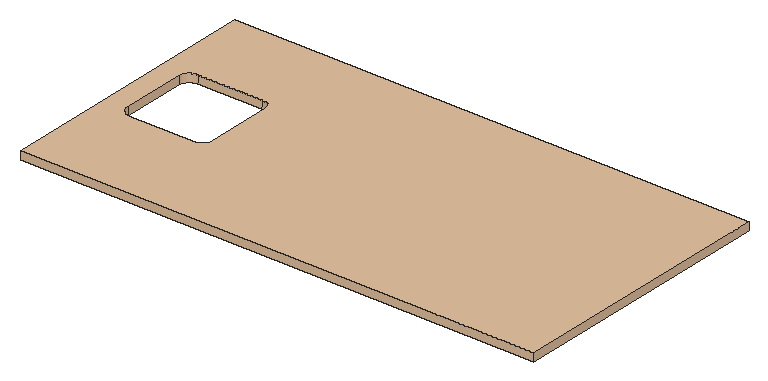
Revit family "cde18013b7b946b99299b37303bc6109", category Casework, Revit 2021
Family settings
  OmniClass Number = 23.40.35.17.47.11
  OmniClass Title = Kitchen Casework
  Seek Item ID = Counter Top-Island w Sink Hole-0000-USA-ENU
  Work Plane-Based = No
  Always vertical = Yes
  Cut with Voids When Loaded = No
  Shared = Yes
  Room Calculation Point = No
Parameters (values of type "48" Depth")
  Default Elevation = 0' - 0"
  Assembly Code = "C1030400"
  Counter Thickness = 0' - 1 1/2"
  Counter Top Material = none
  Depth [instance] = 4' - 2"
  Height = 3' - 0"
  Length [instance] = 8' - 0"
  Sink Location [instance] = 1' - 0"
  Sink Location To Edge = 2' - 0"
  Sink Opening Depth [instance] = 1' - 4"
  Sink Opening Width [instance] = 1' - 4"
Reference planes (in)
  plane 1 "Back": y = 0
  plane 2: z = 0
  plane 3 "Left": x = -47.2623
  plane 4 "Right": x = 48.7377
  plane 5 "Front": y = -49
  plane 6 "Top": z = 36
  plane 7 "Top Of Cabinet": z = 34.5
  plane 8: z = 40
  plane 9: x = -35.2623
  plane 10: y = -15
  plane 11: x = -27.2623
  plane 12: y = -31
  plane 13: x = -43.2623
  plane 14: y = 1
  plane 15: y = -48
  plane 16: y = -23
Forms (in)
  Extrusion 1, solid, material <- "Counter Top Material"
    sketch origin (0, 0, 0) x (1, 0, 0) y (0, 1, 0)
      loop
        line (-47.2623, 1) -> (-47.2623, -49) -> (48.7377, -49) -> (48.7377, 1) -> (-47.2623, 1)
    from 34.5 to 36
  Extrusion 2, void
    sketch origin (0, 0, 0) x (1, 0, 0) y (0, 1, 0)
      loop
        arc (-41.2623, -15) -> (-42.67651, -15.58579) -> (-43.2623, -17) r 2
        line (-43.2623, -17) -> (-43.2623, -29)
        arc (-43.2623, -29) -> (-42.67651, -30.41421) -> (-41.2623, -31) r 2
        line (-41.2623, -31) -> (-29.2623, -31)
        arc (-29.2623, -31) -> (-27.84808, -30.41421) -> (-27.2623, -29) r 2
        line (-27.2623, -29) -> (-27.2623, -17)
        arc (-27.2623, -17) -> (-27.84808, -15.58579) -> (-29.2623, -15) r 2
        line (-29.2623, -15) -> (-41.2623, -15)
    from 34.5 to 36
Cuts and joins
  Extrusion 2 cuts Extrusion 1
Lines and regions (in)
  Masking region 1
    outline origin (0, 0, 34.5) x (0, -1, 0) y (1, 0, 0)
      loop
        line (-1, -47.2623) -> (49, -47.2623) -> (49, 48.7377) -> (-1, 48.7377) -> (-1, -47.2623)
  symbolic lines, style "Sink Opening"
    curve 1: line (-41.2623, -15, 34.5) -> (-29.2623, -15, 34.5)
    curve 2: line (-43.2623, -29, 34.5) -> (-43.2623, -17, 34.5)
    curve 3: line (-29.2623, -31, 34.5) -> (-41.2623, -31, 34.5)
    curve 4: line (-27.2623, -17, 34.5) -> (-27.2623, -29, 34.5)
    curve 5: arc (-43.2623, -17, 34.5) -> (-42.67651, -15.58579, 34.5) -> (-41.2623, -15, 34.5) r 2
    curve 6: arc (-29.2623, -15, 34.5) -> (-27.84808, -15.58579, 34.5) -> (-27.2623, -17, 34.5) r 2
    curve 7: arc (-27.2623, -29, 34.5) -> (-27.84808, -30.41421, 34.5) -> (-29.2623, -31, 34.5) r 2
    curve 8: arc (-41.2623, -31, 34.5) -> (-42.67651, -30.41421, 34.5) -> (-43.2623, -29, 34.5) r 2
Dimensions and locks (in)
  "Length": plane 3 "Left" to plane 4 "Right"
  "Height": level to plane 6 "Top"
  "Counter Thickness": plane 7 "Top Of Cabinet" to plane 6 "Top"
  plane 6 "Top" to plane 8 = 0' - 4"
  "Sink Opening Width": plane 13 to plane 11
  "Sink Opening Depth": plane 12 to plane 10
  "Sink Location": plane 3 "Left" to plane 9
  equal spacing: plane 13, plane 9, plane 11
  "Depth": plane 5 "Front" to plane 14
  locked: plane 1 "Back" to plane 14 at 1
  locked: plane 5 "Front" to plane 15 at 1
  "Sink Location To Edge": plane 16 to plane 14
  equal spacing: plane 12, plane 16, plane 10
  aligned and locked: plane 4 "Right" to Extrusion 1 sketch curve
  aligned and locked: Extrusion 1 sketch curve to plane 3 "Left"
  aligned and locked: Extrusion 1 to plane 6 "Top"
  aligned and locked: plane 7 "Top Of Cabinet" to Extrusion 1
  aligned and locked: plane 10 to Extrusion 2 sketch curve
  aligned and locked: plane 11 to Extrusion 2 sketch curve
  aligned and locked: Extrusion 2 sketch curve to plane 13
  aligned and locked: Extrusion 2 sketch curve to plane 12
  aligned and locked: Extrusion 2 to plane 6 "Top"
  aligned and locked: Extrusion 1 to Extrusion 2
  aligned and locked: plane 14 to Extrusion 1 sketch curve
  aligned and locked: Extrusion 1 sketch curve to plane 5 "Front"
  aligned and locked: plane 4 "Right" to Masking region 1 sketch curve
  aligned and locked: plane 14 to Masking region 1 sketch curve
  aligned and locked: Masking region 1 sketch curve to plane 3 "Left"
  aligned and locked: Masking region 1 sketch curve to plane 5 "Front"
Automatic sketch dimensions
  Extrusion 2 sketch curve to plane 13 = 0' - 2"
  Extrusion 2 sketch curve to Extrusion 2 sketch curve = 0' - 2"  (x2)
  plane 11 to Extrusion 2 sketch curve = 0' - 2"
  curve 6 to plane 10 = 0' - 0"
  curve 2 to plane 13 = 0' - 0"
  curve 6 to plane 11 = 0' - 0"
  curve 7 to plane 12 = 0' - 0"
  plane 10 to curve 5 = 0' - 2"
  curve 1 to curve 6 = 0' - 2"
  curve 8 to plane 12 = 0' - 2"
  plane 11 to curve 7 = 0' - 2"
